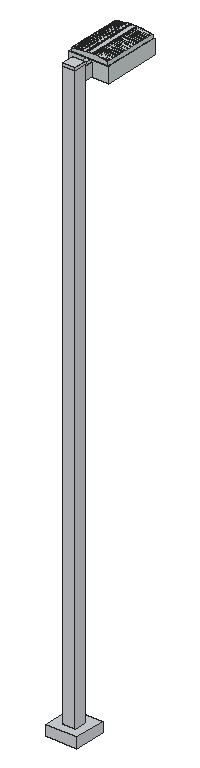
Revit family "Entablature", category Lighting Fixtures, Revit 2013
Parameters (values of type "Large LED")
  Width = 1' - 4"
  Wattage Comments = "92W for 350mA, 188W for 700mA ET LED"
  Wattage = 92 W
  built-in parameter 1150110 = 1 (stored number, unit not read)
  Voltage = 0 V
  URL = "http://www.kimlighting.com/"
  Type Comments = "Lighting Fixture"  # constant formula
  built-in parameter 1114217 = 1 (stored number, unit not read)
  Tilt Angle = 90.00°  # constant formula
  built-in parameter 1150109 = 1 (stored number, unit not read)
  built-in parameter 1150134 = 3
  built-in parameter 1150113 = 1 (stored number, unit not read)
  Series = "Entablature"  # constant formula
  Revisions Date = "10/20/2017"  # constant formula
  Product Page URL = "http://www.kimlighting.com/products/the_entablature"
  Product Documentation Link = "http://www.kimlighting.com/content/products/psg/psg_files/kim_etsetled_psg.pdf"
  Power Factor = 1  # constant formula
  Pole Width = 0' - 5"
  Pole Height = 20' - 0"
  Pole = yes
  Photometric Web Link = "http://www.kimlighting.com/products/the_entablature"
  Photometric Web File = "et2e35-96l4k.ies"
  Photometric Notes = "More IES files download on Photometric Web Link"  # constant formula
  Offset from Pole = 0' - 5"
  Number of Poles = 1
  Note Visible = yes
  Note Text = "LF"
  Model = "ET"
  MasterFormat Title = "Parking Lighting, Roadway Lighting, Site Lighting"  # constant formula
  Manufacturer Phone = "626-968-5666"  # constant formula
  Manufacturer Fax = "626-369-2695"  # constant formula
  Manufacturer = "KIM Lighting"  # constant formula
  built-in parameter 1150105 = 1087.5 (stored number, unit not read)
  Lumens = 13665.9 lm
  built-in parameter 1150115 = 1 (stored number, unit not read)
  Load Classification = Lighting
  built-in parameter 1150137 = (empty or 0)
  built-in parameter 1150139 = (empty or 0)
  Lens = Glass-KIM-Temper Molded
  built-in parameter 1150112 = 1 (stored number, unit not read)
  built-in parameter 1150114 = 1 (stored number, unit not read)
  Lamp = "80 LEDs"
  built-in parameter 1150132 = (empty or 0)
  built-in parameter 1150102 = (empty or 0)
  built-in parameter 1150107 = 3200 (stored number, unit not read)
  built-in parameter 1150138 = (empty or 0)
  built-in parameter 1150106 = 10.875 (stored number, unit not read)
  Fixture Height = 0' - 8"
  Finish = Powder Coat-Kim-Platinum Silver
  Emit from Rectangle Width = 0' - 10"  # constant formula
  Emit from Rectangle Length = 0' - 10"  # constant formula
  Emit Shape Visible in Rendering = no
  built-in parameter 1150104 = 13.8 (stored number, unit not read)
  Dimming Lamp Color Temperature Shift = <None>
  Description = "Site/Roadway Luminare"  # constant formula
  Depth = 1' - 11"
  Color Filter = 16777215
  built-in parameter 1114218 = 1 (stored number, unit not read)
  built-in parameter 1150133 = 10 (stored number, unit not read)
  Assembly Code = "D5020200"
  Arch Height = 0' - 2"
  Apparent Load = 0 VA
Types (3): name | Width | Wattage Comments | Wattage | Photometric Web File | Model | built-in parameter 1150105 | Lumens | Lamp | built-in parameter 1150106 | Fixture Height | Depth | Arch Height
  (no name) | 1' - 4" | "92W for 350mA, 188W for 700mA ET LED" | 92 W | "et2e35-96l4k.ies" | "ET" | 1087.5 (stored number, unit not read) | 13665.9 lm | "80 LEDs" | 10.875 (stored number, unit not read) | 0' - 8" | 1' - 11" | 0' - 2"
  Large LED | 1' - 4" | "92W for 350mA, 188W for 700mA ET LED" | 92 W | "et2e35-96l4k.ies" | "ET" | 1087.5 (stored number, unit not read) | 13665.9 lm | "80 LEDs" | 10.875 (stored number, unit not read) | 0' - 8" | 1' - 11" | 0' - 2"
  Small LED | 1' - 0" | "45W for 350mA, 93W for 700mA SET LED" | 93 W | "set3-070s-hs.ies" | "SET" | 6580.5 (stored number, unit not read) | 13814.4 lm | "40 LEDs," | 65.805 (stored number, unit not read) | 0' - 6" | 1' - 5 1/2" | 0' - 1 1/2"
Reference planes (in)
  plane 1 "Light Source Axis (F/B)": y = 3
  plane 2: z = 0
  plane 3 "Light Source Axis (L/R)": x = 0
  plane 4 "Light Source Elevation": z = 235
  plane 5 "Front": y = 11.5
  plane 6 "Back": y = -11.5
  plane 7 "Left": x = -8
  plane 8 "Right": x = 8
  plane 9 "Bottom": z = 232
  plane 10 "Top": z = 240
  plane 11: y = -5.5
  plane 12: z = 238
  plane 13: x = -7.25
  plane 14: x = 7.25
  plane 15: y = 11.125
  plane 16: y = -11.125
  plane 17: x = -8
  plane 18: x = -7.25
  plane 19: x = 7.25
  plane 20: x = 8
  plane 21: x = -8
  plane 22: x = -1
  plane 23: x = 1
  plane 24: x = 8
  plane 25: y = -16.5
Forms (in)
  Extrusion 1, solid, material "Powder Coat-Kim-Platinum Silver" <- "Finish", detail levels medium+fine
    sketch origin (0, 0, 232) x (-1, 0, 0) y (0, -1, 0)
      loop
        line (8, 11.5) -> (-8, 11.5) -> (-8, -11.5) -> (8, -11.5) -> (8, 11.5)
      loop
        line (7, 5.5) -> (-7, 5.5) -> (-7, -10.5) -> (7, -10.5) -> (7, 5.5)
    from 0 to 6
  Extrusion 2, solid, material "Powder Coat-Kim-Platinum Silver" <- "Finish", detail levels medium+fine
    sketch origin (0, 3, 0) x (1, 0, 0) y (0, 0, 1)
      loop
        line (7.25, 238) -> (7.25, 239.25)
        arc (7.25, 239.25) -> (0, 240.01296) -> (-7.25, 239.25) r 34.82806
        line (-7.25, 239.25) -> (-7.25, 238) -> (7.25, 238)
    from -8.125 to 14.125
  Extrusion 3, void, detail levels medium+fine
    sketch origin (0, 0, 232) x (-1, 0, 0) y (0, -1, 0)
      loop
        line (0.72433, -11.125) -> (-1.27567, -11.125) -> (-1.27567, -11.5) -> (0.72433, -11.5) -> (0.72433, -11.125)
    from 0.99889 to 6
  Extrusion 4, void, detail levels medium+fine
    sketch origin (0, 0, 232) x (-1, 0, 0) y (0, -1, 0)
      loop
        line (8, -10.75) -> (8, -10.49167) -> (7.25, -10.49167) -> (7.25, -10.75) -> (8, -10.75)
      loop
        line (7.25, -10.23333) -> (8, -10.23333) -> (8, -9.975) -> (7.25, -9.975) -> (7.25, -10.23333)
      loop
        line (7.25, -9.71667) -> (8, -9.71667) -> (8, -9.45833) -> (7.25, -9.45833) -> (7.25, -9.71667)
      loop
        line (7.25, -9.2) -> (8, -9.2) -> (8, -8.94167) -> (7.25, -8.94167) -> (7.25, -9.2)
      loop
        line (7.25, -8.68333) -> (8, -8.68333) -> (8, -8.425) -> (7.25, -8.425) -> (7.25, -8.68333)
      loop
        line (7.25, -8.16667) -> (8, -8.16667) -> (8, -7.90833) -> (7.25, -7.90833) -> (7.25, -8.16667)
      loop
        line (7.25, -7.65) -> (8, -7.65) -> (8, -7.39167) -> (7.25, -7.39167) -> (7.25, -7.65)
      loop
        line (7.25, -7.13333) -> (8, -7.13333) -> (8, -6.875) -> (7.25, -6.875) -> (7.25, -7.13333)
      loop
        line (7.25, -6.61667) -> (8, -6.61667) -> (8, -6.35833) -> (7.25, -6.35833) -> (7.25, -6.61667)
      loop
        line (7.25, -6.1) -> (8, -6.1) -> (8, -5.84167) -> (7.25, -5.84167) -> (7.25, -6.1)
      loop
        line (7.25, -5.58333) -> (8, -5.58333) -> (8, -5.325) -> (7.25, -5.325) -> (7.25, -5.58333)
      loop
        line (7.25, -5.06667) -> (8, -5.06667) -> (8, -4.80833) -> (7.25, -4.80833) -> (7.25, -5.06667)
      loop
        line (7.25, -4.55) -> (8, -4.55) -> (8, -4.29167) -> (7.25, -4.29167) -> (7.25, -4.55)
      loop
        line (7.25, -4.03333) -> (8, -4.03333) -> (8, -3.775) -> (7.25, -3.775) -> (7.25, -4.03333)
      loop
        line (7.25, -3.51667) -> (8, -3.51667) -> (8, -3.25833) -> (7.25, -3.25833) -> (7.25, -3.51667)
      loop
        line (7.25, -3) -> (8, -3) -> (8, -2.74167) -> (7.25, -2.74167) -> (7.25, -3)
      loop
        line (8, -2.48333) -> (8, -2.225) -> (7.25, -2.225) -> (7.25, -2.48333) -> (8, -2.48333)
      loop
        line (7.25, -1.96667) -> (8, -1.96667) -> (8, -1.70833) -> (7.25, -1.70833) -> (7.25, -1.96667)
      loop
        line (7.25, -1.45) -> (8, -1.45) -> (8, -1.19167) -> (7.25, -1.19167) -> (7.25, -1.45)
      loop
        line (7.25, -0.93333) -> (8, -0.93333) -> (8, -0.675) -> (7.25, -0.675) -> (7.25, -0.93333)
      loop
        line (7.25, -0.41667) -> (8, -0.41667) -> (8, -0.15833) -> (7.25, -0.15833) -> (7.25, -0.41667)
      loop
        line (7.25, 0.1) -> (8, 0.1) -> (8, 0.35833) -> (7.25, 0.35833) -> (7.25, 0.1)
      loop
        line (7.25, 0.61667) -> (8, 0.61667) -> (8, 0.875) -> (7.25, 0.875) -> (7.25, 0.61667)
      loop
        line (7.25, 1.13333) -> (8, 1.13333) -> (8, 1.39167) -> (7.25, 1.39167) -> (7.25, 1.13333)
      loop
        line (7.25, 1.65) -> (8, 1.65) -> (8, 1.90833) -> (7.25, 1.90833) -> (7.25, 1.65)
      loop
        line (7.25, 2.16667) -> (8, 2.16667) -> (8, 2.425) -> (7.25, 2.425) -> (7.25, 2.16667)
      loop
        line (7.25, 2.68333) -> (8, 2.68333) -> (8, 2.94167) -> (7.25, 2.94167) -> (7.25, 2.68333)
      loop
        line (7.25, 3.2) -> (8, 3.2) -> (8, 3.45833) -> (7.25, 3.45833) -> (7.25, 3.2)
      loop
        line (7.25, 3.71667) -> (8, 3.71667) -> (8, 3.975) -> (7.25, 3.975) -> (7.25, 3.71667)
      loop
        line (7.25, 4.23333) -> (8, 4.23333) -> (8, 4.49167) -> (7.25, 4.49167) -> (7.25, 4.23333)
      loop
        line (7.25, 4.75) -> (8, 4.75) -> (8, 5.00833) -> (7.25, 5.00833) -> (7.25, 4.75)
      loop
        line (7.25, 5.26667) -> (8, 5.26667) -> (8, 5.525) -> (7.25, 5.525) -> (7.25, 5.26667)
      loop
        line (7.25, 5.78333) -> (8, 5.78333) -> (8, 6.04167) -> (7.25, 6.04167) -> (7.25, 5.78333)
      loop
        line (7.25, 6.3) -> (8, 6.3) -> (8, 6.55833) -> (7.25, 6.55833) -> (7.25, 6.3)
      loop
        line (7.25, 6.81667) -> (8, 6.81667) -> (8, 7.075) -> (7.25, 7.075) -> (7.25, 6.81667)
      loop
        line (7.25, 7.33333) -> (8, 7.33333) -> (8, 7.59167) -> (7.25, 7.59167) -> (7.25, 7.33333)
      loop
        line (7.25, 7.85) -> (8, 7.85) -> (8, 8.10833) -> (7.25, 8.10833) -> (7.25, 7.85)
      loop
        line (7.25, 8.36667) -> (8, 8.36667) -> (8, 8.625) -> (7.25, 8.625) -> (7.25, 8.36667)
      loop
        line (7.25, 8.88333) -> (8, 8.88333) -> (8, 9.14167) -> (7.25, 9.14167) -> (7.25, 8.88333)
      loop
        line (7.25, 9.4) -> (8, 9.4) -> (8, 9.65833) -> (7.25, 9.65833) -> (7.25, 9.4)
      loop
        line (7.25, 9.91667) -> (8, 9.91667) -> (8, 10.175) -> (7.25, 10.175) -> (7.25, 9.91667)
      loop
        line (7.25, 10.43333) -> (8, 10.43333) -> (8, 10.69167) -> (7.25, 10.69167) -> (7.25, 10.43333)
    from 5.454 to 8
  Extrusion 5, void, detail levels medium+fine
    sketch origin (15.25, 0, 232) x (-1, 0, 0) y (0, -1, 0)
      loop
        line (8, -10.75) -> (8, -10.49167) -> (7.25, -10.49167) -> (7.25, -10.75) -> (8, -10.75)
      loop
        line (7.25, -10.23333) -> (8, -10.23333) -> (8, -9.975) -> (7.25, -9.975) -> (7.25, -10.23333)
      loop
        line (7.25, -9.71667) -> (8, -9.71667) -> (8, -9.45833) -> (7.25, -9.45833) -> (7.25, -9.71667)
      loop
        line (7.25, -9.2) -> (8, -9.2) -> (8, -8.94167) -> (7.25, -8.94167) -> (7.25, -9.2)
      loop
        line (7.25, -8.68333) -> (8, -8.68333) -> (8, -8.425) -> (7.25, -8.425) -> (7.25, -8.68333)
      loop
        line (7.25, -8.16667) -> (8, -8.16667) -> (8, -7.90833) -> (7.25, -7.90833) -> (7.25, -8.16667)
      loop
        line (7.25, -7.65) -> (8, -7.65) -> (8, -7.39167) -> (7.25, -7.39167) -> (7.25, -7.65)
      loop
        line (7.25, -7.13333) -> (8, -7.13333) -> (8, -6.875) -> (7.25, -6.875) -> (7.25, -7.13333)
      loop
        line (7.25, -6.61667) -> (8, -6.61667) -> (8, -6.35833) -> (7.25, -6.35833) -> (7.25, -6.61667)
      loop
        line (7.25, -6.1) -> (8, -6.1) -> (8, -5.84167) -> (7.25, -5.84167) -> (7.25, -6.1)
      loop
        line (7.25, -5.58333) -> (8, -5.58333) -> (8, -5.325) -> (7.25, -5.325) -> (7.25, -5.58333)
      loop
        line (7.25, -5.06667) -> (8, -5.06667) -> (8, -4.80833) -> (7.25, -4.80833) -> (7.25, -5.06667)
      loop
        line (7.25, -4.55) -> (8, -4.55) -> (8, -4.29167) -> (7.25, -4.29167) -> (7.25, -4.55)
      loop
        line (7.25, -4.03333) -> (8, -4.03333) -> (8, -3.775) -> (7.25, -3.775) -> (7.25, -4.03333)
      loop
        line (7.25, -3.51667) -> (8, -3.51667) -> (8, -3.25833) -> (7.25, -3.25833) -> (7.25, -3.51667)
      loop
        line (7.25, -3) -> (8, -3) -> (8, -2.74167) -> (7.25, -2.74167) -> (7.25, -3)
      loop
        line (8, -2.48333) -> (8, -2.225) -> (7.25, -2.225) -> (7.25, -2.48333) -> (8, -2.48333)
      loop
        line (7.25, -1.96667) -> (8, -1.96667) -> (8, -1.70833) -> (7.25, -1.70833) -> (7.25, -1.96667)
      loop
        line (7.25, -1.45) -> (8, -1.45) -> (8, -1.19167) -> (7.25, -1.19167) -> (7.25, -1.45)
      loop
        line (7.25, -0.93333) -> (8, -0.93333) -> (8, -0.675) -> (7.25, -0.675) -> (7.25, -0.93333)
      loop
        line (7.25, -0.41667) -> (8, -0.41667) -> (8, -0.15833) -> (7.25, -0.15833) -> (7.25, -0.41667)
      loop
        line (7.25, 0.1) -> (8, 0.1) -> (8, 0.35833) -> (7.25, 0.35833) -> (7.25, 0.1)
      loop
        line (7.25, 0.61667) -> (8, 0.61667) -> (8, 0.875) -> (7.25, 0.875) -> (7.25, 0.61667)
      loop
        line (7.25, 1.13333) -> (8, 1.13333) -> (8, 1.39167) -> (7.25, 1.39167) -> (7.25, 1.13333)
      loop
        line (7.25, 1.65) -> (8, 1.65) -> (8, 1.90833) -> (7.25, 1.90833) -> (7.25, 1.65)
      loop
        line (7.25, 2.16667) -> (8, 2.16667) -> (8, 2.425) -> (7.25, 2.425) -> (7.25, 2.16667)
      loop
        line (7.25, 2.68333) -> (8, 2.68333) -> (8, 2.94167) -> (7.25, 2.94167) -> (7.25, 2.68333)
      loop
        line (7.25, 3.2) -> (8, 3.2) -> (8, 3.45833) -> (7.25, 3.45833) -> (7.25, 3.2)
      loop
        line (7.25, 3.71667) -> (8, 3.71667) -> (8, 3.975) -> (7.25, 3.975) -> (7.25, 3.71667)
      loop
        line (7.25, 4.23333) -> (8, 4.23333) -> (8, 4.49167) -> (7.25, 4.49167) -> (7.25, 4.23333)
      loop
        line (7.25, 4.75) -> (8, 4.75) -> (8, 5.00833) -> (7.25, 5.00833) -> (7.25, 4.75)
      loop
        line (7.25, 5.26667) -> (8, 5.26667) -> (8, 5.525) -> (7.25, 5.525) -> (7.25, 5.26667)
      loop
        line (7.25, 5.78333) -> (8, 5.78333) -> (8, 6.04167) -> (7.25, 6.04167) -> (7.25, 5.78333)
      loop
        line (7.25, 6.3) -> (8, 6.3) -> (8, 6.55833) -> (7.25, 6.55833) -> (7.25, 6.3)
      loop
        line (7.25, 6.81667) -> (8, 6.81667) -> (8, 7.075) -> (7.25, 7.075) -> (7.25, 6.81667)
      loop
        line (7.25, 7.33333) -> (8, 7.33333) -> (8, 7.59167) -> (7.25, 7.59167) -> (7.25, 7.33333)
      loop
        line (7.25, 7.85) -> (8, 7.85) -> (8, 8.10833) -> (7.25, 8.10833) -> (7.25, 7.85)
      loop
        line (7.25, 8.36667) -> (8, 8.36667) -> (8, 8.625) -> (7.25, 8.625) -> (7.25, 8.36667)
      loop
        line (7.25, 8.88333) -> (8, 8.88333) -> (8, 9.14167) -> (7.25, 9.14167) -> (7.25, 8.88333)
      loop
        line (7.25, 9.4) -> (8, 9.4) -> (8, 9.65833) -> (7.25, 9.65833) -> (7.25, 9.4)
      loop
        line (7.25, 9.91667) -> (8, 9.91667) -> (8, 10.175) -> (7.25, 10.175) -> (7.25, 9.91667)
      loop
        line (7.25, 10.43333) -> (8, 10.43333) -> (8, 10.69167) -> (7.25, 10.69167) -> (7.25, 10.43333)
    from 5.454 to 8
  Extrusion 6, void, detail levels medium+fine
    sketch origin (0, 0, 232) x (-1, 0, 0) y (0, -1, 0)
      loop
        line (8, -10.33971) -> (8, -10.07794) -> (1, -10.07794) -> (1, -10.33971) -> (8, -10.33971)
      loop
        line (-8, -10.33971) -> (-1, -10.33971) -> (-1, -10.07794) -> (-8, -10.07794) -> (-8, -10.33971)
      loop
        line (8, -9.81618) -> (8, -9.55441) -> (1, -9.55441) -> (1, -9.81618) -> (8, -9.81618)
      loop
        line (-8, -9.81618) -> (-1, -9.81618) -> (-1, -9.55441) -> (-8, -9.55441) -> (-8, -9.81618)
      loop
        line (8, -9.29265) -> (8, -9.03088) -> (1, -9.03088) -> (1, -9.29265) -> (8, -9.29265)
      loop
        line (-8, -9.29265) -> (-1, -9.29265) -> (-1, -9.03088) -> (-8, -9.03088) -> (-8, -9.29265)
      loop
        line (8, -8.76912) -> (8, -8.50735) -> (1, -8.50735) -> (1, -8.76912) -> (8, -8.76912)
      loop
        line (-8, -8.76912) -> (-1, -8.76912) -> (-1, -8.50735) -> (-8, -8.50735) -> (-8, -8.76912)
      loop
        line (8, -8.24559) -> (8, -7.98382) -> (1, -7.98382) -> (1, -8.24559) -> (8, -8.24559)
      loop
        line (-8, -8.24559) -> (-1, -8.24559) -> (-1, -7.98382) -> (-8, -7.98382) -> (-8, -8.24559)
      loop
        line (8, -7.72206) -> (8, -7.46029) -> (1, -7.46029) -> (1, -7.72206) -> (8, -7.72206)
      loop
        line (-8, -7.72206) -> (-1, -7.72206) -> (-1, -7.46029) -> (-8, -7.46029) -> (-8, -7.72206)
      loop
        line (8, -7.19853) -> (8, -6.93676) -> (1, -6.93676) -> (1, -7.19853) -> (8, -7.19853)
      loop
        line (-8, -7.19853) -> (-1, -7.19853) -> (-1, -6.93676) -> (-8, -6.93676) -> (-8, -7.19853)
      loop
        line (8, -6.675) -> (8, -6.41324) -> (1, -6.41324) -> (1, -6.675) -> (8, -6.675)
      loop
        line (-8, -6.675) -> (-1, -6.675) -> (-1, -6.41324) -> (-8, -6.41324) -> (-8, -6.675)
      loop
        line (8, -6.15147) -> (8, -5.88971) -> (1, -5.88971) -> (1, -6.15147) -> (8, -6.15147)
      loop
        line (-8, -6.15147) -> (-1, -6.15147) -> (-1, -5.88971) -> (-8, -5.88971) -> (-8, -6.15147)
      loop
        line (8, -5.62794) -> (8, -5.36618) -> (1, -5.36618) -> (1, -5.62794) -> (8, -5.62794)
      loop
        line (-8, -5.62794) -> (-1, -5.62794) -> (-1, -5.36618) -> (-8, -5.36618) -> (-8, -5.62794)
      loop
        line (8, -5.10441) -> (8, -4.84265) -> (1, -4.84265) -> (1, -5.10441) -> (8, -5.10441)
      loop
        line (-8, -5.10441) -> (-1, -5.10441) -> (-1, -4.84265) -> (-8, -4.84265) -> (-8, -5.10441)
      loop
        line (8, -4.58088) -> (8, -4.31912) -> (1, -4.31912) -> (1, -4.58088) -> (8, -4.58088)
      loop
        line (-8, -4.58088) -> (-1, -4.58088) -> (-1, -4.31912) -> (-8, -4.31912) -> (-8, -4.58088)
      loop
        line (8, -4.05735) -> (8, -3.79559) -> (1, -3.79559) -> (1, -4.05735) -> (8, -4.05735)
      loop
        line (-8, -4.05735) -> (-1, -4.05735) -> (-1, -3.79559) -> (-8, -3.79559) -> (-8, -4.05735)
      loop
        line (8, -3.53382) -> (8, -3.27206) -> (1, -3.27206) -> (1, -3.53382) -> (8, -3.53382)
      loop
        line (-8, -3.53382) -> (-1, -3.53382) -> (-1, -3.27206) -> (-8, -3.27206) -> (-8, -3.53382)
      loop
        line (8, -3.01029) -> (8, -2.74853) -> (1, -2.74853) -> (1, -3.01029) -> (8, -3.01029)
      loop
        line (-8, -3.01029) -> (-1, -3.01029) -> (-1, -2.74853) -> (-8, -2.74853) -> (-8, -3.01029)
      loop
        line (8, -2.48676) -> (8, -2.225) -> (1, -2.225) -> (1, -2.48676) -> (8, -2.48676)
      loop
        line (-8, -2.48676) -> (-1, -2.48676) -> (-1, -2.225) -> (-8, -2.225) -> (-8, -2.48676)
      loop
        line (8, -1.96324) -> (8, -1.70147) -> (1, -1.70147) -> (1, -1.96324) -> (8, -1.96324)
      loop
        line (-8, -1.96324) -> (-1, -1.96324) -> (-1, -1.70147) -> (-8, -1.70147) -> (-8, -1.96324)
      loop
        line (8, -1.43971) -> (8, -1.17794) -> (1, -1.17794) -> (1, -1.43971) -> (8, -1.43971)
      loop
        line (-8, -1.43971) -> (-1, -1.43971) -> (-1, -1.17794) -> (-8, -1.17794) -> (-8, -1.43971)
      loop
        line (8, -0.91618) -> (8, -0.65441) -> (1, -0.65441) -> (1, -0.91618) -> (8, -0.91618)
      loop
        line (-8, -0.91618) -> (-1, -0.91618) -> (-1, -0.65441) -> (-8, -0.65441) -> (-8, -0.91618)
      loop
        line (8, -0.39265) -> (8, -0.13088) -> (1, -0.13088) -> (1, -0.39265) -> (8, -0.39265)
      loop
        line (-8, -0.39265) -> (-1, -0.39265) -> (-1, -0.13088) -> (-8, -0.13088) -> (-8, -0.39265)
      loop
        line (8, 0.13088) -> (8, 0.39265) -> (1, 0.39265) -> (1, 0.13088) -> (8, 0.13088)
      loop
        line (-8, 0.13088) -> (-1, 0.13088) -> (-1, 0.39265) -> (-8, 0.39265) -> (-8, 0.13088)
      loop
        line (8, 0.65441) -> (8, 0.91618) -> (1, 0.91618) -> (1, 0.65441) -> (8, 0.65441)
      loop
        line (-8, 0.65441) -> (-1, 0.65441) -> (-1, 0.91618) -> (-8, 0.91618) -> (-8, 0.65441)
      loop
        line (8, 1.17794) -> (8, 1.43971) -> (1, 1.43971) -> (1, 1.17794) -> (8, 1.17794)
      loop
        line (-8, 1.17794) -> (-1, 1.17794) -> (-1, 1.43971) -> (-8, 1.43971) -> (-8, 1.17794)
      loop
        line (8, 1.70147) -> (8, 1.96324) -> (1, 1.96324) -> (1, 1.70147) -> (8, 1.70147)
      loop
        line (-8, 1.70147) -> (-1, 1.70147) -> (-1, 1.96324) -> (-8, 1.96324) -> (-8, 1.70147)
      loop
        line (8, 2.225) -> (8, 2.48676) -> (1, 2.48676) -> (1, 2.225) -> (8, 2.225)
      loop
        line (-8, 2.225) -> (-1, 2.225) -> (-1, 2.48676) -> (-8, 2.48676) -> (-8, 2.225)
      loop
        line (8, 2.74853) -> (8, 3.01029) -> (1, 3.01029) -> (1, 2.74853) -> (8, 2.74853)
      loop
        line (-8, 2.74853) -> (-1, 2.74853) -> (-1, 3.01029) -> (-8, 3.01029) -> (-8, 2.74853)
      loop
        line (8, 3.27206) -> (8, 3.53382) -> (1, 3.53382) -> (1, 3.27206) -> (8, 3.27206)
      loop
        line (-8, 3.27206) -> (-1, 3.27206) -> (-1, 3.53382) -> (-8, 3.53382) -> (-8, 3.27206)
      loop
        line (8, 3.79559) -> (8, 4.05735) -> (1, 4.05735) -> (1, 3.79559) -> (8, 3.79559)
      loop
        line (-8, 3.79559) -> (-1, 3.79559) -> (-1, 4.05735) -> (-8, 4.05735) -> (-8, 3.79559)
      loop
        line (8, 4.31912) -> (8, 4.58088) -> (1, 4.58088) -> (1, 4.31912) -> (8, 4.31912)
      loop
        line (-8, 4.31912) -> (-1, 4.31912) -> (-1, 4.58088) -> (-8, 4.58088) -> (-8, 4.31912)
      loop
        line (8, 4.84265) -> (8, 5.10441) -> (1, 5.10441) -> (1, 4.84265) -> (8, 4.84265)
      loop
        line (-8, 4.84265) -> (-1, 4.84265) -> (-1, 5.10441) -> (-8, 5.10441) -> (-8, 4.84265)
      loop
        line (8, 5.36618) -> (8, 5.62794) -> (1, 5.62794) -> (1, 5.36618) -> (8, 5.36618)
      loop
        line (-8, 5.36618) -> (-1, 5.36618) -> (-1, 5.62794) -> (-8, 5.62794) -> (-8, 5.36618)
      loop
        line (8, 5.88971) -> (8, 6.15147) -> (1, 6.15147) -> (1, 5.88971) -> (8, 5.88971)
      loop
        line (-8, 5.88971) -> (-1, 5.88971) -> (-1, 6.15147) -> (-8, 6.15147) -> (-8, 5.88971)
      loop
        line (8, 6.41324) -> (8, 6.675) -> (1, 6.675) -> (1, 6.41324) -> (8, 6.41324)
      loop
        line (-8, 6.41324) -> (-1, 6.41324) -> (-1, 6.675) -> (-8, 6.675) -> (-8, 6.41324)
      loop
        line (8, 6.93676) -> (8, 7.19853) -> (1, 7.19853) -> (1, 6.93676) -> (8, 6.93676)
      loop
        line (-8, 6.93676) -> (-1, 6.93676) -> (-1, 7.19853) -> (-8, 7.19853) -> (-8, 6.93676)
      loop
        line (8, 7.46029) -> (8, 7.72206) -> (1, 7.72206) -> (1, 7.46029) -> (8, 7.46029)
      loop
        line (-8, 7.46029) -> (-1, 7.46029) -> (-1, 7.72206) -> (-8, 7.72206) -> (-8, 7.46029)
      loop
        line (8, 7.98382) -> (8, 8.24559) -> (1, 8.24559) -> (1, 7.98382) -> (8, 7.98382)
      loop
        line (-8, 7.98382) -> (-1, 7.98382) -> (-1, 8.24559) -> (-8, 8.24559) -> (-8, 7.98382)
      loop
        line (8, 8.50735) -> (8, 8.76912) -> (1, 8.76912) -> (1, 8.50735) -> (8, 8.50735)
      loop
        line (-8, 8.50735) -> (-1, 8.50735) -> (-1, 8.76912) -> (-8, 8.76912) -> (-8, 8.50735)
      loop
        line (8, 9.03088) -> (8, 9.29265) -> (1, 9.29265) -> (1, 9.03088) -> (8, 9.03088)
      loop
        line (-8, 9.03088) -> (-1, 9.03088) -> (-1, 9.29265) -> (-8, 9.29265) -> (-8, 9.03088)
      loop
        line (8, 9.55441) -> (8, 9.81618) -> (1, 9.81618) -> (1, 9.55441) -> (8, 9.55441)
      loop
        line (-8, 9.55441) -> (-1, 9.55441) -> (-1, 9.81618) -> (-8, 9.81618) -> (-8, 9.55441)
      loop
        line (8, 10.07794) -> (8, 10.33971) -> (1, 10.33971) -> (1, 10.07794) -> (8, 10.07794)
      loop
        line (-8, 10.07794) -> (-1, 10.07794) -> (-1, 10.33971) -> (-8, 10.33971) -> (-8, 10.07794)
      loop
        line (8, 10.60147) -> (8, 10.86324) -> (1, 10.86324) -> (1, 10.60147) -> (8, 10.60147)
      loop
        line (-8, 10.60147) -> (-1, 10.60147) -> (-1, 10.86324) -> (-8, 10.86324) -> (-8, 10.60147)
      loop
        line (8, -10.60147) -> (1, -10.60147) -> (1, -10.86324) -> (8, -10.86324) -> (8, -10.60147)
      loop
        line (-8, -10.60147) -> (-8, -10.86324) -> (-1, -10.86324) -> (-1, -10.60147) -> (-8, -10.60147)
    from 7.00946 to 7.98614
  Extrusion 7, solid, material "Glass-KIM-Temper Molded" <- "Lens", detail levels medium+fine
    sketch origin (0, 0, 232) x (-1, 0, 0) y (0, -1, 0)
      loop
        line (7, 5.5) -> (-7, 5.5) -> (-7, -10.5) -> (7, -10.5) -> (7, 5.5)
    from 0.0625 to 0
  Extrusion 8, solid, material "Powder Coat-Kim-Platinum Silver" <- "Finish", detail levels fine
    sketch origin (0, 3, 0) x (1, 0, 0) y (0, 0, 1)
      loop
        line (1, 232) -> (1, 237) -> (0.75, 237) -> (0.75, 238) -> (-0.75, 238) -> (-0.75, 237) -> (-1, 237) -> (-1, 232) -> (1, 232)
    from 14.5 to 19.5
  Extrusion 9, solid, material "Powder Coat-Kim-Platinum Silver" <- "Finish", detail levels coarse
    sketch origin (0, 0, 0) x (0, 1, 0) y (0, 0, 1)
      loop
        line (11.5, 235) -> (11.5, 240) -> (-11.5, 240) -> (-11.5, 235) -> (11.5, 235)
    from -8 to 8
  Extrusion 10, solid, material "Powder Coat-Kim-Platinum Silver" <- "Finish", detail levels coarse+medium
    sketch origin (0, 0, 0) x (0, 1, 0) y (0, 0, 1)
      loop
        line (-11.5, 232) -> (-11.5, 238) -> (-16.5, 238) -> (-16.5, 232) -> (-11.5, 232)
    from -1 to 1
Cuts and joins
  Extrusion 3, Extrusion 4, Extrusion 5, Extrusion 6 cuts Extrusion 1
  Extrusion 3, Extrusion 4, Extrusion 5, Extrusion 6 cuts Extrusion 2
  joined: Extrusion 1, Extrusion 2
Lines and regions (in)
  Masking region 1
    outline origin (0, 0, 240) x (-1, 0, 0) y (0, -1, 0)
      loop
        line (8, 11.5) -> (-8, 11.5) -> (-8, -11.5) -> (8, -11.5) -> (8, 11.5)
  Masking region 2
    outline origin (0, 0, 240) x (-1, 0, 0) y (0, -1, 0)
      loop
        line (1, 16.5) -> (-1, 16.5) -> (-1, 11.5) -> (1, 11.5) -> (1, 16.5)
  Masking region 3
    outline origin (0, 3, 0) x (1, 0, 0) y (0, 0, 1)
      loop
        line (-8, 232) -> (8, 232) -> (8, 238) -> (7.25, 238) -> (7.25, 239.25)
        arc (7.25, 239.25) -> (0, 240.00147) -> (-7.25, 239.25) r 35.34903
        line (-7.25, 239.25) -> (-7.25, 238) -> (-8, 238) -> (-8, 232)
  Masking region 4
    outline origin (0, 0, 0) x (0, 1, 0) y (0, 0, 1)
      loop
        line (11.5, 232) -> (11.5, 238) -> (11.125, 238) -> (11.125, 240) -> (-11.125, 240) -> (-11.125, 238) -> (-11.5, 238) -> (-11.5, 232) -> (11.5, 232)
  Masking region 5
    outline origin (0, 0, 0) x (0, 1, 0) y (0, 0, 1)
      loop
        line (-11.5, 232) -> (-11.5, 238) -> (-16.5, 238) -> (-16.5, 232) -> (-11.5, 232)
  symbolic lines, detail levels medium+fine
    curve 1: line (-7.25, -11.125, 240) -> (7.25, -11.125, 240)
    curve 2: line (-7.25, 11.125, 240) -> (-7.25, -11.125, 240)
    curve 3: line (7.25, 11.125, 240) -> (-7.25, 11.125, 240)
    curve 4: line (7.25, -11.125, 240) -> (7.25, 11.125, 240)
    curve 5: line (-7.25, 3, 238) -> (7.25, 3, 238)
    curve 14: line (0, -11.5, 237) -> (0, -16.5, 237)
    curve 15: line (0, 11.125, 238) -> (0, -11.125, 238)
    curve 16: line (-0.72433, 3, 238) -> (-0.72433, 3, 232.99889)
    curve 17: line (-0.72433, 3, 232.99889) -> (1.27567, 3, 232.99889)
    curve 18: line (1.27567, 3, 232.99889) -> (1.27567, 3, 238)
  symbolic lines, style "LightingFixturesHiddenLines", detail levels fine
    curve 6: line (-8, 3, 237.454) -> (-7.25, 3, 237.454)
    curve 7: line (-7.25, 3, 237.454) -> (-7.25, 3, 238)
    curve 8: line (8, 3, 237.454) -> (7.25, 3, 237.454)
    curve 9: line (7.25, 3, 237.454) -> (7.25, 3, 238)
    curve 10: line (7.25, 3, 239.00946) -> (1, 3, 239.00946)
    curve 11: line (1, 3, 239.00946) -> (1, 3, 239.94926)
    curve 12: line (-7.25, 3, 239.00946) -> (-1, 3, 239.00946)
    curve 13: line (-1, 3, 239.00946) -> (-1, 3, 239.94926)
Dimensions and locks (in)
  "Depth": plane 5 "Front" to plane 6 "Back"
  equal spacing: plane 7 "Left", plane 3 "Light Source Axis (L/R)", plane 8 "Right"
  "Width": plane 7 "Left" to plane 8 "Right"
  "Fixture Height": plane 10 "Top" to plane 9 "Bottom"
  equal spacing: plane 5 "Front", plane 1 "Light Source Axis (F/B)", plane 11
  locked: plane 7 "Left" to Extrusion 1 sketch curve at 1
  locked: Extrusion 1 sketch curve to plane 8 "Right" at 1
  locked: plane 5 "Front" to Extrusion 1 sketch curve at 1
  equal spacing: plane 12, plane 4 "Light Source Elevation", plane 9 "Bottom"
  "Arch Height": plane 10 "Top" to plane 12
  locked: plane 5 "Front" to Extrusion 3 sketch curve at 0.375
  Extrusion 3 sketch curve to Extrusion 3 sketch curve = 0' - 2"
  locked: cut or joined group of Extrusion 1, Extrusion 2, Extrusion 3, Extrusion 4, Extrusion 5, Extrusion 6 to plane 9 "Bottom" at 0.99889
  locked: plane 5 "Front" to plane 15 at 0.375
  locked: plane 16 to plane 6 "Back" at 0.375
  locked: plane 7 "Left" to plane 13 at 0.75
  plane 14 to plane 8 "Right" = 0' - 0 3/4"
  locked: plane 11 to plane 6 "Back" at 6
  Extrusion 2 sketch curve to plane 10 "Top" to Extrusion 2 sketch curve = 0' - 0.01296" locked, 0' - 0 3/4" locked
  locked: plane 17 to plane 7 "Left" at 0
  locked: plane 13 to plane 18 at 0
  equal spacing: Extrusion 4 sketch curve, Extrusion 4 sketch curve, Extrusion 4 sketch curve, Extrusion 4 sketch curve, Extrusion 4 sketch curve, Extrusion 4 sketch curve, Extrusion 4 sketch curve, Extrusion 4 sketch curve, Extrusion 4 sketch curve, Extrusion 4 sketch curve, Extrusion 4 sketch curve, Extrusion 4 sketch curve, Extrusion 4 sketch curve, Extrusion 4 sketch curve, Extrusion 4 sketch curve, Extrusion 4 sketch curve, Extrusion 4 sketch curve, Extrusion 4 sketch curve, Extrusion 4 sketch curve, Extrusion 4 sketch curve, Extrusion 4 sketch curve, Extrusion 4 sketch curve, Extrusion 4 sketch curve, Extrusion 4 sketch curve, Extrusion 4 sketch curve, Extrusion 4 sketch curve, Extrusion 4 sketch curve, Extrusion 4 sketch curve, Extrusion 4 sketch curve, Extrusion 4 sketch curve, Extrusion 4 sketch curve, Extrusion 4 sketch curve, Extrusion 4 sketch curve, Extrusion 4 sketch curve, Extrusion 4 sketch curve, Extrusion 4 sketch curve, Extrusion 4 sketch curve, Extrusion 4 sketch curve, Extrusion 4 sketch curve, Extrusion 4 sketch curve, Extrusion 4 sketch curve, Extrusion 4 sketch curve, Extrusion 4 sketch curve, Extrusion 4 sketch curve, Extrusion 4 sketch curve, Extrusion 4 sketch curve, Extrusion 4 sketch curve, Extrusion 4 sketch curve, Extrusion 4 sketch curve, Extrusion 4 sketch curve, Extrusion 4 sketch curve, Extrusion 4 sketch curve, Extrusion 4 sketch curve, Extrusion 4 sketch curve, Extrusion 4 sketch curve, Extrusion 4 sketch curve, Extrusion 4 sketch curve, Extrusion 4 sketch curve, Extrusion 4 sketch curve, Extrusion 4 sketch curve, Extrusion 4 sketch curve, Extrusion 4 sketch curve, Extrusion 4 sketch curve, Extrusion 4 sketch curve, Extrusion 4 sketch curve, Extrusion 4 sketch curve, Extrusion 4 sketch curve, Extrusion 4 sketch curve, Extrusion 4 sketch curve, Extrusion 4 sketch curve, Extrusion 4 sketch curve, Extrusion 4 sketch curve, Extrusion 4 sketch curve, Extrusion 4 sketch curve, Extrusion 4 sketch curve, Extrusion 4 sketch curve, Extrusion 4 sketch curve, Extrusion 4 sketch curve, Extrusion 4 sketch curve, Extrusion 4 sketch curve, Extrusion 4 sketch curve, Extrusion 4 sketch curve, Extrusion 4 sketch curve, Extrusion 4 sketch curve
  locked: Extrusion 4 sketch curve to plane 5 "Front" at 0.75
  locked: Extrusion 4 sketch curve to plane 6 "Back" at 0.80833
  equal spacing: Extrusion 5 sketch curve, Extrusion 5 sketch curve, Extrusion 5 sketch curve, Extrusion 5 sketch curve, Extrusion 5 sketch curve, Extrusion 5 sketch curve, Extrusion 5 sketch curve, Extrusion 5 sketch curve, Extrusion 5 sketch curve, Extrusion 5 sketch curve, Extrusion 5 sketch curve, Extrusion 5 sketch curve, Extrusion 5 sketch curve, Extrusion 5 sketch curve, Extrusion 5 sketch curve, Extrusion 5 sketch curve, Extrusion 5 sketch curve, Extrusion 5 sketch curve, Extrusion 5 sketch curve, Extrusion 5 sketch curve, Extrusion 5 sketch curve, Extrusion 5 sketch curve, Extrusion 5 sketch curve, Extrusion 5 sketch curve, Extrusion 5 sketch curve, Extrusion 5 sketch curve, Extrusion 5 sketch curve, Extrusion 5 sketch curve, Extrusion 5 sketch curve, Extrusion 5 sketch curve, Extrusion 5 sketch curve, Extrusion 5 sketch curve, Extrusion 5 sketch curve, Extrusion 5 sketch curve, Extrusion 5 sketch curve, Extrusion 5 sketch curve, Extrusion 5 sketch curve, Extrusion 5 sketch curve, Extrusion 5 sketch curve, Extrusion 5 sketch curve, Extrusion 5 sketch curve, Extrusion 5 sketch curve, Extrusion 5 sketch curve, Extrusion 5 sketch curve, Extrusion 5 sketch curve, Extrusion 5 sketch curve, Extrusion 5 sketch curve, Extrusion 5 sketch curve, Extrusion 5 sketch curve, Extrusion 5 sketch curve, Extrusion 5 sketch curve, Extrusion 5 sketch curve, Extrusion 5 sketch curve, Extrusion 5 sketch curve, Extrusion 5 sketch curve, Extrusion 5 sketch curve, Extrusion 5 sketch curve, Extrusion 5 sketch curve, Extrusion 5 sketch curve, Extrusion 5 sketch curve, Extrusion 5 sketch curve, Extrusion 5 sketch curve, Extrusion 5 sketch curve, Extrusion 5 sketch curve, Extrusion 5 sketch curve, Extrusion 5 sketch curve, Extrusion 5 sketch curve, Extrusion 5 sketch curve, Extrusion 5 sketch curve, Extrusion 5 sketch curve, Extrusion 5 sketch curve, Extrusion 5 sketch curve, Extrusion 5 sketch curve, Extrusion 5 sketch curve, Extrusion 5 sketch curve, Extrusion 5 sketch curve, Extrusion 5 sketch curve, Extrusion 5 sketch curve, Extrusion 5 sketch curve, Extrusion 5 sketch curve, Extrusion 5 sketch curve, Extrusion 5 sketch curve, Extrusion 5 sketch curve, Extrusion 5 sketch curve
  locked: Extrusion 5 sketch curve to plane 6 "Back" at 0.80833
  locked: Extrusion 5 sketch curve to plane 5 "Front" at 0.75
  locked: plane 19 to plane 14 at 0
  locked: plane 20 to plane 8 "Right" at 0
  locked: plane 10 "Top" to cut or joined group of Extrusion 1, Extrusion 2, Extrusion 3, Extrusion 4, Extrusion 5, Extrusion 6 at 0  (x2)
  locked: cut or joined group of Extrusion 1, Extrusion 2, Extrusion 3, Extrusion 4, Extrusion 5, Extrusion 6 to plane 12 at 0.546  (x2)
  locked: plane 10 "Top" to cut or joined group of Extrusion 1, Extrusion 2, Extrusion 3, Extrusion 4, Extrusion 5, Extrusion 6 at 0.01386
  locked: plane 10 "Top" to cut or joined group of Extrusion 1, Extrusion 2, Extrusion 3, Extrusion 4, Extrusion 5, Extrusion 6 at 0.99054
  plane 21 to plane 7 "Left" = 0' - 0"
  locked: plane 22 to plane 3 "Light Source Axis (L/R)" at 1
  locked: plane 3 "Light Source Axis (L/R)" to plane 23 at 1
  locked: plane 8 "Right" to plane 24 at 0
  equal spacing: plane 16, Extrusion 6 sketch curve, Extrusion 6 sketch curve, Extrusion 6 sketch curve, Extrusion 6 sketch curve, Extrusion 6 sketch curve, Extrusion 6 sketch curve, Extrusion 6 sketch curve, Extrusion 6 sketch curve, Extrusion 6 sketch curve, Extrusion 6 sketch curve, Extrusion 6 sketch curve, Extrusion 6 sketch curve, Extrusion 6 sketch curve, Extrusion 6 sketch curve, Extrusion 6 sketch curve, Extrusion 6 sketch curve, Extrusion 6 sketch curve, Extrusion 6 sketch curve, Extrusion 6 sketch curve, Extrusion 6 sketch curve, Extrusion 6 sketch curve, Extrusion 6 sketch curve, Extrusion 6 sketch curve, Extrusion 6 sketch curve, Extrusion 6 sketch curve, Extrusion 6 sketch curve, Extrusion 6 sketch curve, Extrusion 6 sketch curve, Extrusion 6 sketch curve, Extrusion 6 sketch curve, Extrusion 6 sketch curve, Extrusion 6 sketch curve, Extrusion 6 sketch curve, Extrusion 6 sketch curve, Extrusion 6 sketch curve, Extrusion 6 sketch curve, Extrusion 6 sketch curve, Extrusion 6 sketch curve, Extrusion 6 sketch curve, Extrusion 6 sketch curve, Extrusion 6 sketch curve, Extrusion 6 sketch curve, Extrusion 6 sketch curve, Extrusion 6 sketch curve, Extrusion 6 sketch curve, Extrusion 6 sketch curve, Extrusion 6 sketch curve, Extrusion 6 sketch curve, Extrusion 6 sketch curve, Extrusion 6 sketch curve, Extrusion 6 sketch curve, Extrusion 6 sketch curve, Extrusion 6 sketch curve, Extrusion 6 sketch curve, Extrusion 6 sketch curve, Extrusion 6 sketch curve, Extrusion 6 sketch curve, Extrusion 6 sketch curve, Extrusion 6 sketch curve, Extrusion 6 sketch curve, Extrusion 6 sketch curve, Extrusion 6 sketch curve, Extrusion 6 sketch curve, Extrusion 6 sketch curve, Extrusion 6 sketch curve, Extrusion 6 sketch curve, Extrusion 6 sketch curve, Extrusion 6 sketch curve, Extrusion 6 sketch curve, Extrusion 6 sketch curve, Extrusion 6 sketch curve, Extrusion 6 sketch curve, Extrusion 6 sketch curve, Extrusion 6 sketch curve, Extrusion 6 sketch curve, Extrusion 6 sketch curve, Extrusion 6 sketch curve, Extrusion 6 sketch curve, Extrusion 6 sketch curve, Extrusion 6 sketch curve, Extrusion 6 sketch curve, Extrusion 6 sketch curve, Extrusion 6 sketch curve, Extrusion 6 sketch curve, plane 15
  equal spacing: plane 15, Extrusion 6 sketch curve, Extrusion 6 sketch curve, Extrusion 6 sketch curve, Extrusion 6 sketch curve, Extrusion 6 sketch curve, Extrusion 6 sketch curve, Extrusion 6 sketch curve, Extrusion 6 sketch curve, Extrusion 6 sketch curve, Extrusion 6 sketch curve, Extrusion 6 sketch curve, Extrusion 6 sketch curve, Extrusion 6 sketch curve, Extrusion 6 sketch curve, Extrusion 6 sketch curve, Extrusion 6 sketch curve, Extrusion 6 sketch curve, Extrusion 6 sketch curve, Extrusion 6 sketch curve, Extrusion 6 sketch curve, Extrusion 6 sketch curve, Extrusion 6 sketch curve, Extrusion 6 sketch curve, Extrusion 6 sketch curve, Extrusion 6 sketch curve, Extrusion 6 sketch curve, Extrusion 6 sketch curve, Extrusion 6 sketch curve, Extrusion 6 sketch curve, Extrusion 6 sketch curve, Extrusion 6 sketch curve, Extrusion 6 sketch curve, Extrusion 6 sketch curve, Extrusion 6 sketch curve, Extrusion 6 sketch curve, Extrusion 6 sketch curve, Extrusion 6 sketch curve, Extrusion 6 sketch curve, Extrusion 6 sketch curve, Extrusion 6 sketch curve, Extrusion 6 sketch curve, Extrusion 6 sketch curve, Extrusion 6 sketch curve, Extrusion 6 sketch curve, Extrusion 6 sketch curve, Extrusion 6 sketch curve, Extrusion 6 sketch curve, Extrusion 6 sketch curve, Extrusion 6 sketch curve, Extrusion 6 sketch curve, Extrusion 6 sketch curve, Extrusion 6 sketch curve, Extrusion 6 sketch curve, Extrusion 6 sketch curve, Extrusion 6 sketch curve, Extrusion 6 sketch curve, Extrusion 6 sketch curve, Extrusion 6 sketch curve, Extrusion 6 sketch curve, Extrusion 6 sketch curve, Extrusion 6 sketch curve, Extrusion 6 sketch curve, Extrusion 6 sketch curve, Extrusion 6 sketch curve, Extrusion 6 sketch curve, Extrusion 6 sketch curve, Extrusion 6 sketch curve, Extrusion 6 sketch curve, Extrusion 6 sketch curve, Extrusion 6 sketch curve, Extrusion 6 sketch curve, Extrusion 6 sketch curve, Extrusion 6 sketch curve, Extrusion 6 sketch curve, Extrusion 6 sketch curve, Extrusion 6 sketch curve, Extrusion 6 sketch curve, Extrusion 6 sketch curve, Extrusion 6 sketch curve, Extrusion 6 sketch curve, Extrusion 6 sketch curve, Extrusion 6 sketch curve, Extrusion 6 sketch curve, Extrusion 6 sketch curve, plane 16
  locked: plane 5 "Front" to Extrusion 7 sketch curve at 1
  locked: plane 7 "Left" to Extrusion 7 sketch curve at 1
  locked: Extrusion 7 sketch curve to plane 8 "Right" at 1
  locked: plane 9 "Bottom" to Extrusion 7 at 0
  "Offset from Pole": plane 6 "Back" to plane 25
  locked: plane 6 "Back" to Extrusion 8
  "Pole Height": plane 10 "Top" to level
  locked: nested 1 to Masking region 3 sketch curve at 35.34757
  locked: Masking region 3 sketch curve to nested 1 at 0.00147
  plane 10 "Top" to curve 11 to curve 10 = 0' - 0.05074" locked, 0' - 0.93981" locked
  plane 10 "Top" to curve 13 to curve 12 = 0' - 0.05074" locked, 0' - 0.93981" locked
  curve 11 to plane 3 "Light Source Axis (L/R)" to curve 13 = 0' - 1" locked, 0' - 1" locked
  locked: plane 12 to curve 6 at 0.546
  locked: plane 12 to curve 8 at 0.546
  locked: curve 8 to plane 8 "Right" at 0
  locked: curve 6 to plane 7 "Left" at 0
  Extrusion 8 to plane 9 "Bottom" = 0' - 5"
  locked: plane 12 to Extrusion 8 sketch curve at 1  (x2)
  Extrusion 8 sketch curve to Extrusion 8 sketch curve to plane 3 "Light Source Axis (L/R)" to Extrusion 8 sketch curve to Extrusion 8 sketch curve = 0' - 0 1/4" locked, 0' - 0 3/4" locked, 0' - 0 3/4" locked, 0' - 0 1/4" locked
  locked: plane 9 "Bottom" to cut or joined group of Extrusion 1, Extrusion 2, Extrusion 3, Extrusion 4, Extrusion 5, Extrusion 6 at 0
  locked: Extrusion 7 to plane 9 "Bottom" at 0.0625
  locked: plane 25 to nested 1 at 0
  locked: plane 3 "Light Source Axis (L/R)" to nested 1 at 0
  locked: Extrusion 9 to plane 8 "Right" at 0
  Extrusion 10 to plane 3 "Light Source Axis (L/R)" to Extrusion 10 = 0' - 1" locked, 0' - 1" locked
  aligned and locked: plane 7 "Left" to Extrusion 1 sketch curve
  aligned and locked: Extrusion 1 sketch curve to plane 6 "Back"
  aligned and locked: plane 5 "Front" to Extrusion 1 sketch curve
  aligned and locked: Extrusion 1 sketch curve to plane 8 "Right"
  aligned and locked: Extrusion 1 sketch curve to plane 11
  aligned: Extrusion 1 to plane 9 "Bottom"
  aligned and locked: plane 12 to Extrusion 1
  aligned and locked: Extrusion 2 sketch curve to plane 12
  aligned and locked: plane 5 "Front" to Extrusion 3 sketch curve
  aligned and locked: plane 12 to Extrusion 3
  aligned and locked: plane 15 to Extrusion 2
  aligned and locked: Extrusion 2 to plane 16
  aligned and locked: plane 13 to Extrusion 2 sketch curve
  aligned and locked: plane 14 to Extrusion 2 sketch curve
  aligned and locked: Extrusion 7 sketch curve to cut or joined group of Extrusion 1, Extrusion 2, Extrusion 3, Extrusion 4, Extrusion 5, Extrusion 6
  aligned: Extrusion 7 to plane 9 "Bottom"
  aligned and locked: Extrusion 8 sketch curve to plane 12
  aligned and locked: plane 25 to Extrusion 8
  aligned and locked: Masking region 1 sketch curve to cut or joined group of Extrusion 1, Extrusion 2, Extrusion 3, Extrusion 4, Extrusion 5, Extrusion 6  (x3)
  aligned and locked: cut or joined group of Extrusion 1, Extrusion 2, Extrusion 3, Extrusion 4, Extrusion 5, Extrusion 6 to Masking region 1 sketch curve
  aligned and locked: plane 13 to curve 1
  aligned and locked: curve 1 to plane 16
  aligned and locked: plane 15 to curve 4
  aligned and locked: curve 4 to plane 14
  aligned: Masking region 2 sketch curve to Extrusion 8  (x2)
  aligned and locked: Extrusion 8 to Masking region 2 sketch curve  (x2)
  aligned and locked: plane 9 "Bottom" to Masking region 3 sketch curve
  aligned and locked: plane 7 "Left" to Masking region 3 sketch curve
  aligned and locked: Masking region 3 sketch curve to plane 8 "Right"
  aligned and locked: plane 13 to Masking region 3 sketch curve
  aligned and locked: Masking region 3 sketch curve to plane 14
  aligned and locked: Masking region 3 sketch curve to plane 12  (x2)
  aligned and locked: curve 5 to plane 12
  aligned and locked: cut or joined group of Extrusion 1, Extrusion 2, Extrusion 3, Extrusion 4, Extrusion 5, Extrusion 6 to curve 5  (x2)
  aligned and locked: cut or joined group of Extrusion 1, Extrusion 2, Extrusion 3, Extrusion 4, Extrusion 5, Extrusion 6 to curve 12
  aligned and locked: cut or joined group of Extrusion 1, Extrusion 2, Extrusion 3, Extrusion 4, Extrusion 5, Extrusion 6 to curve 10
  aligned and locked: Masking region 4 sketch curve to plane 9 "Bottom"
  aligned and locked: plane 10 "Top" to Masking region 4 sketch curve
  aligned and locked: plane 5 "Front" to Masking region 4 sketch curve
  aligned and locked: Masking region 4 sketch curve to plane 6 "Back"
  aligned and locked: plane 15 to Masking region 4 sketch curve
  aligned and locked: Masking region 4 sketch curve to plane 16
  aligned and locked: plane 12 to Masking region 4 sketch curve  (x2)
  aligned and locked: Masking region 5 sketch curve to cut or joined group of Extrusion 1, Extrusion 2, Extrusion 3, Extrusion 4, Extrusion 5, Extrusion 6  (x2)
  aligned and locked: Extrusion 8 to Masking region 5 sketch curve
  aligned and locked: Masking region 5 sketch curve to Extrusion 8
  aligned and locked: nested 1 to curve 14
  aligned and locked: curve 14 to cut or joined group of Extrusion 1, Extrusion 2, Extrusion 3, Extrusion 4, Extrusion 5, Extrusion 6
  aligned and locked: plane 12 to curve 15
  aligned and locked: cut or joined group of Extrusion 1, Extrusion 2, Extrusion 3, Extrusion 4, Extrusion 5, Extrusion 6 to curve 15  (x2)
  aligned and locked: plane 9 "Bottom" to Extrusion 8 sketch curve
  aligned and locked: Extrusion 7 to plane 9 "Bottom"
  aligned and locked: curve 17 to cut or joined group of Extrusion 1, Extrusion 2, Extrusion 3, Extrusion 4, Extrusion 5, Extrusion 6
  aligned and locked: curve 16 to cut or joined group of Extrusion 1, Extrusion 2, Extrusion 3, Extrusion 4, Extrusion 5, Extrusion 6
  aligned and locked: curve 18 to cut or joined group of Extrusion 1, Extrusion 2, Extrusion 3, Extrusion 4, Extrusion 5, Extrusion 6
  aligned and locked: plane 10 "Top" to Extrusion 9 sketch curve
  aligned and locked: Extrusion 9 sketch curve to plane 6 "Back"
  aligned and locked: plane 5 "Front" to Extrusion 9 sketch curve
  aligned and locked: Extrusion 10 sketch curve to Extrusion 9
  aligned and locked: Extrusion 10 sketch curve to cut or joined group of Extrusion 1, Extrusion 2, Extrusion 3, Extrusion 4, Extrusion 5, Extrusion 6
  aligned and locked: Extrusion 8 to Extrusion 10 sketch curve
  aligned and locked: Extrusion 10 sketch curve to Extrusion 8
  aligned and locked: Extrusion 9 to plane 7 "Left"
  aligned and locked: plane 4 "Light Source Elevation" to Extrusion 9 sketch curve
  aligned and locked: imposter light to plane 3 "Light Source Axis (L/R)"
  aligned and locked: imposter light to plane 4 "Light Source Elevation"
  aligned and locked: imposter light to plane 1 "Light Source Axis (F/B)"
Automatic sketch dimensions
  Extrusion 2 sketch curve to plane 3 "Light Source Axis (L/R)" = 0' - 0"
  Extrusion 4 sketch curve to plane 13 = 0' - 0"  (x42)
  Extrusion 4 sketch curve to plane 7 "Left" = 0' - 0"  (x42)
  Extrusion 5 sketch curve to plane 20 = 0' - 0"  (x42)
  Extrusion 5 sketch curve to plane 14 = 0' - 0"  (x42)
  Extrusion 6 sketch curve to plane 24 = 0' - 0"  (x42)
  Extrusion 6 sketch curve to plane 23 = 0' - 0"  (x42)
  Extrusion 6 sketch curve to plane 22 = 0' - 0"  (x42)
  Extrusion 6 sketch curve to plane 7 "Left" = 0' - 0"  (x42)
  Masking region 3 sketch curve to plane 3 "Light Source Axis (L/R)" = 0' - 0"
  curve 14 to plane 12 = 0' - 1"
  Masking region 2 sketch curve to plane 3 "Light Source Axis (L/R)" = 0' - 1"
  plane 3 "Light Source Axis (L/R)" to Masking region 2 sketch curve = 0' - 1"
Nested families (in)
  nested 1: "Kim_Lighting-Square_Pole" at (0, -19, 0) x (-1, 0, 0) z (0, 0, 1), visible <- "Pole", type "Kim_Lighting-Square_Pole"
  nested 2: "Notation" at (-0.49546, 11.06722, 0), visible <- "Note Visible", type "Notation"
Connectors (in)
  electrical at (0, -16.5, 18), driven by "Number of Poles", driven by "Power Factor", driven by "Apparent Load", driven by "Voltage", driven by "Load Classification"
    settings: on nested 1, index 1, voltage 0 V, apparent load 0 VA, apparent load phase1 0 VA, apparent load phase2 0 VA, apparent load phase3 0 VA, power factor 1, load classification "Lighting", number of poles 1, system type 30, power factor state 1, is connector primary yes, connector utility no, sub classification motor no, connector description "Lighting Connector"
Definition of nested family "Kim_Lighting-Square_Pole"
  Parameters
    Width = 0' - 5"
    URL = "http://www.kimlighting.com/"
    Type Comments = "Non-Tapered Pole"
    Model = "Square Pole"  # constant formula
    Manufacturer = "KIM Lighting"  # constant formula
    Height = 20' - 0"
    Finish = none
    Base Cover = if(Width = 0' 5", 1' 0 5/8", 0' 8 5/8")  # 1' - 0 5/8"
  Reference planes (in)
    plane 1 "Center (Front/Back)": y = 0
    plane 2: z = 0
    plane 3 "Center (Left/Right)": x = 0
    plane 4 "Front": y = -2.5
    plane 5 "Left": x = -2.5
    plane 6 "Right": x = 2.5
    plane 7 "Back": y = 2.5
    plane 8 "Top": z = 240
    plane 9: x = -6.3125
    plane 10: x = 6.3125
    plane 11: y = 6.3125
    plane 12: y = -6.3125
    plane 13: z = 18
  Forms (in)
    Extrusion 1, solid, material <- "Finish"
      sketch origin (0, 0, 0) x (1, 0, 0) y (0, 1, 0)
        loop
          line (-2.5, -2.5) -> (2.5, -2.5) -> (2.5, 2.5) -> (-2.5, 2.5) -> (-2.5, -2.5)
      from 0 to 240
    Extrusion 2, solid, material <- "Finish", detail levels medium+fine
      sketch origin (0, 0, 0) x (1, 0, 0) y (0, 1, 0)
        loop
          line (-6.3125, -6.3125) -> (6.3125, -6.3125) -> (6.3125, 6.3125) -> (-6.3125, 6.3125) -> (-6.3125, -6.3125)
        loop
          line (-2.5, -2.5) -> (2.5, -2.5) -> (2.5, 2.5) -> (-2.5, 2.5) -> (-2.5, -2.5)
      from 0 to 4
    Extrusion 3, solid, material <- "Finish", detail levels fine
      sketch origin (0, 0, 0) x (1, 0, 0) y (0, 0, 1)
        loop
          line (-1.5, 15) -> (1.5, 15) -> (1.5, 21) -> (-1.5, 21) -> (-1.5, 15)
      from 2.5 to 2.5625
    Extrusion 4, solid, material <- "Finish", detail levels fine
      sketch origin (0, 0, 240) x (-1, 0, 0) y (0, -1, 0)
        loop
          line (2.5625, 2.5625) -> (-2.5625, 2.5625) -> (-2.5625, -2.5625) -> (2.5625, -2.5625) -> (2.5625, 2.5625)
      from 0.10394 to -0.89606
  Lines and regions (in)
    Masking region 1
      outline origin (0, 0, 0) x (1, 0, 0) y (0, 0, 1)
        loop
          line (-2.5, 0) -> (2.5, 0) -> (2.5, 240) -> (-2.5, 240) -> (-2.5, 0)
    Masking region 2, detail levels medium+fine
      outline origin (0, 0, 0) x (1, 0, 0) y (0, 0, 1)
        loop
          line (-6.3125, 0) -> (6.3125, 0) -> (6.3125, 4) -> (-6.3125, 4) -> (-6.3125, 0)
    Masking region 3, detail levels fine
      outline origin (0, 0, 0) x (1, 0, 0) y (0, 0, 1)
        loop
          line (-2.5625, 239.10394) -> (2.5625, 239.10394) -> (2.5625, 240.10394) -> (-2.5625, 240.10394) -> (-2.5625, 239.10394)
    Masking region 4
      outline origin (0, 0, 0) x (0, 1, 0) y (0, 0, 1)
        loop
          line (2.5, 0) -> (2.5, 240) -> (-2.5, 240) -> (-2.5, 0) -> (2.5, 0)
    Masking region 5, detail levels medium+fine
      outline origin (0, 0, 0) x (0, 1, 0) y (0, 0, 1)
        loop
          line (6.3125, 0) -> (6.3125, 4) -> (-6.3125, 4) -> (-6.3125, 0) -> (6.3125, 0)
    Masking region 6, detail levels fine
      outline origin (0, 0, 0) x (0, 1, 0) y (0, 0, 1)
        loop
          line (2.5625, 239.10394) -> (2.5625, 240.10394) -> (-2.5625, 240.10394) -> (-2.5625, 239.10394) -> (2.5625, 239.10394)
    Masking region 7, detail levels medium+fine
      outline origin (0, 0, 0) x (1, 0, 0) y (0, 1, 0)
        loop
          line (-6.3125, -6.3125) -> (6.3125, -6.3125) -> (6.3125, 6.3125) -> (-6.3125, 6.3125) -> (-6.3125, -6.3125)
        loop
          line (-2.5, -2.5) -> (2.5, -2.5) -> (2.5, 2.5) -> (-2.5, 2.5) -> (-2.5, -2.5)
    Masking region 8
      outline origin (0, 0, 0) x (1, 0, 0) y (0, 1, 0)
        loop
          line (-2.5, -2.5) -> (2.5, -2.5) -> (2.5, 2.5) -> (-2.5, 2.5) -> (-2.5, -2.5)
    symbolic lines, detail levels fine
      curve 1: line (-1.5, 0, 15) -> (1.5, 0, 15)
      curve 2: line (-1.5, 0, 21) -> (-1.5, 0, 15)
      curve 3: line (1.5, 0, 21) -> (-1.5, 0, 21)
      curve 4: line (1.5, 0, 15) -> (1.5, 0, 21)
  Dimensions and locks (in)
    equal spacing: plane 7 "Back", plane 1 "Center (Front/Back)", plane 4 "Front"
    equal spacing: plane 5 "Left", plane 3 "Center (Left/Right)", plane 6 "Right"
    "Width": plane 7 "Back" to plane 4 "Front"
    "Width": plane 5 "Left" to plane 6 "Right"
    plane 3 "Center (Left/Right)" to Extrusion 1 = 0' - 2 1/2"
    "Height": plane 8 "Top" to level
    equal spacing: plane 11, plane 1 "Center (Front/Back)", plane 12
    "Base Cover": plane 11 to plane 12
    equal spacing: plane 9, plane 3 "Center (Left/Right)", plane 10
    "Base Cover": plane 9 to plane 10
    locked: Extrusion 2 to level at 4
    locked: plane 13 to level at 18
    Extrusion 3 sketch curve to plane 13 to Extrusion 3 sketch curve = 0' - 3" locked, 0' - 3" locked
    Extrusion 3 sketch curve to plane 3 "Center (Left/Right)" to Extrusion 3 sketch curve = 0' - 1 1/2" locked, 0' - 1 1/2" locked
    locked: plane 4 "Front" to Extrusion 3 at 0.0625
    Extrusion 4 to plane 8 "Top" to Extrusion 4 = 0' - 0.10394" locked, 0' - 0.89606" locked
    aligned and locked: plane 5 "Left" to Extrusion 1 sketch curve
    aligned and locked: Extrusion 1 sketch curve to plane 4 "Front"
    aligned and locked: plane 7 "Back" to Extrusion 1 sketch curve
    aligned and locked: Extrusion 1 sketch curve to plane 6 "Right"
    aligned and locked: plane 8 "Top" to Extrusion 1
    aligned and locked: plane 9 to Extrusion 2 sketch curve
    aligned and locked: Extrusion 2 sketch curve to plane 12
    aligned and locked: plane 11 to Extrusion 2 sketch curve
    aligned and locked: Extrusion 2 sketch curve to plane 10
    aligned and locked: Extrusion 1 to Extrusion 2 sketch curve
    aligned and locked: Extrusion 2 sketch curve to Extrusion 1  (x3)
    aligned and locked: plane 4 "Front" to Extrusion 3
    aligned: plane 8 "Top" to Extrusion 4
    aligned and locked: Masking region 1 sketch curve to Extrusion 1  (x2)
    aligned and locked: plane 8 "Top" to Masking region 1 sketch curve
    aligned and locked: Masking region 1 sketch curve to plane 6 "Right"
    aligned and locked: Masking region 2 sketch curve to Extrusion 2  (x2)
    aligned and locked: Extrusion 2 to Masking region 2 sketch curve
    aligned and locked: Masking region 2 sketch curve to plane 10
    aligned and locked: Extrusion 3 to curve 1
    aligned and locked: curve 1 to Extrusion 3
    aligned and locked: curve 4 to Extrusion 3  (x2)
    aligned and locked: Masking region 3 sketch curve to Extrusion 4  (x3)
    aligned and locked: Extrusion 4 to Masking region 3 sketch curve
    aligned and locked: Masking region 4 sketch curve to Extrusion 1  (x3)
    aligned and locked: Extrusion 1 to Masking region 4 sketch curve
    aligned and locked: Masking region 5 sketch curve to Extrusion 2  (x3)
    aligned and locked: Extrusion 2 to Masking region 5 sketch curve
    aligned and locked: Masking region 6 sketch curve to Extrusion 4  (x3)
    aligned and locked: Extrusion 4 to Masking region 6 sketch curve
    aligned and locked: Extrusion 2 to Masking region 7 sketch curve
    aligned and locked: Masking region 7 sketch curve to Extrusion 2  (x3)
    aligned and locked: Extrusion 1 to Masking region 8 sketch curve
    aligned and locked: Masking region 8 sketch curve to Extrusion 1  (x3)
    aligned and locked: Extrusion 1 to Masking region 7 sketch curve
    aligned and locked: Masking region 7 sketch curve to Extrusion 1  (x3)
  Automatic sketch dimensions
    Extrusion 4 sketch curve to plane 6 "Right" = 0' - 0 1/16"
    plane 5 "Left" to Extrusion 4 sketch curve = 0' - 0 1/16"
    plane 7 "Back" to Extrusion 4 sketch curve = 0' - 0 1/16"
    Extrusion 4 sketch curve to plane 4 "Front" = 0' - 0 1/16"
Definition of nested family "Notation"
  Parameters (values of type "Notation")
    Notation = "LF"
  Reference planes (in)
    plane 1: y = 0
    plane 2: x = 0
  Text (in)
    label "Notation" at (0.02149, 0.07192, 0), shows "Notation"
